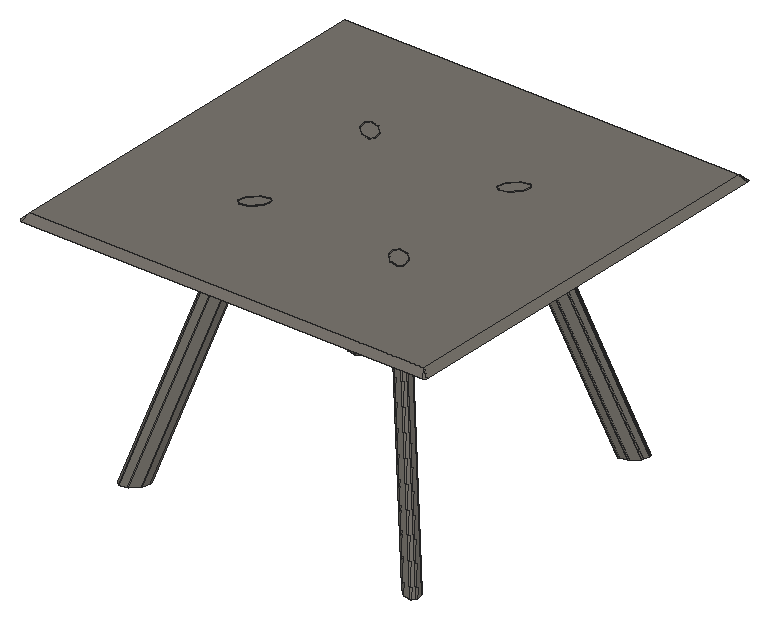
Revit family "Table-Square-Teknion-STBSQ_Qui_Without_Power-R2014", category Furniture, Revit 2014
Parameters (values of type "25.5" High")
  Width = 42.000"
  Warranty = "https://d2r72yk5wmppdj.cloudfront.net/m/3754bc876d846fdf/StudioTK--Warranty.pdf"
  Unit Weight = 85.00 lbf  # constant formula
  URL = "www.studiotk.com"
  Table Finish [instance] = Wood - Teknion - DY - Cocoa Brown
  Series = "Studio"
  Product Line = "Qui"
  Product Documentation Link = "https://d2r72yk5wmppdj.cloudfront.net/m/6a067d0f21732b57/Qui_Tables_ppg.pdf"
  Part Number = "STBSQ"
  Model = "STBSQE25N"
  Manufacturer Phone = "919-464-2920"
  Manufacturer Fax = "919-464-2927"
  Manufacturer Email = "customersupport@studiotk.com"
  Manufacturer Address = "3941 US 70 Business HWY West, Clayton, NC 27520"
  Manufacturer = "StudioTK"  # constant formula
  Low Emitting Material = yes
  Low Emitting Finish = yes
  Height = 25.500"
  Description = "Qui Square Table Without Power, 42\"w / 107cm, 25.5\"h / 65cm"
  Depth = 42.000"
  Assembly Code = "E2020200"
Types (2): name | Model | Height | Description
  25.5" High | "STBSQE25N" | 25.500" | "Qui Square Table Without Power, 42\"w / 107cm, 25.5\"h / 65cm"
  29" High | "STBSQE29N" | 29.000" | "Qui Square Table Without Power, 42\"w / 107cm, 29\"h / 74cm"
Reference planes (in)
  plane 1 "Center F/B": y = 0
  plane 2: z = 0
  plane 3 "Center L/R": x = 0
  plane 4 "Left": x = -21
  plane 5 "Right": x = 21
  plane 6 "Back": y = 21
  plane 7 "Front": y = -21
  plane 8 "Top": z = 25.5
  plane 9 "Table Base": z = 24.875
  plane 10 "Table Bottom": z = 23.375
  plane 11 "Leg Top": z = 25.525
  plane 12 "Leg Bottom": z = -3.5
Forms (in)
  Blend 1, solid, material "Wood - Teknion - DY - Cocoa Brown" <- "Table Finish"
    base sketch origin (0, 0, 24.875) x (-1, 0, 0) y (0, -1, 0)
      loop
        arc (20.75, -21) -> (20.92678, -20.92678) -> (21, -20.75) r 0.25
        line (21, -20.75) -> (21, 20.75)
        arc (21, 20.75) -> (20.92678, 20.92678) -> (20.75, 21) r 0.25
        line (20.75, 21) -> (-20.75, 21)
        arc (-20.75, 21) -> (-20.92678, 20.92678) -> (-21, 20.75) r 0.25
        line (-21, 20.75) -> (-21, -20.75)
        arc (-21, -20.75) -> (-20.92678, -20.92678) -> (-20.75, -21) r 0.25
        line (-20.75, -21) -> (20.75, -21)
    top sketch origin (0, 0, 25.5) x (-1, 0, 0) y (0, -1, 0)
      loop
        line (-20.375, -20.375) -> (20.375, -20.375) -> (20.375, 20.375) -> (-20.375, 20.375) -> (-20.375, -20.375)
    from 0 to 0
  Blend 2, solid, material "Wood - Teknion - DY - Cocoa Brown" <- "Table Finish"
    base sketch origin (0, 0, 23.375) x (-1, 0, 0) y (0, -1, 0)
      loop
        line (12, -12) -> (12, 12) -> (-12, 12) -> (-12, -12) -> (12, -12)
    top sketch origin (0, 0, 23.375) x (-1, 0, 0) y (0, -1, 0)
      loop
        line (-13, -13) -> (13, -13) -> (13, 13) -> (-13, 13) -> (-13, -13)
    from 0 to 1.5
  Blend 3, solid, material "Wood - Teknion - DY - Cocoa Brown" <- "Table Finish"
    base sketch origin (0, 0, 0) x (0, -1, 0) y (1, 0, 0)
      loop
        line (-14.47833, 14.21984) -> (-14.21984, 14.47833)
        arc (-14.21984, 14.47833) -> (-14.18178, 14.54283) -> (-14.17965, 14.61769) r 0.15
        line (-14.17965, 14.61769) -> (-14.35355, 15.38163)
        arc (-14.35355, 15.38163) -> (-14.3685, 15.42085) -> (-14.39374, 15.4544) r 0.15
        line (-14.39374, 15.4544) -> (-15.13731, 16.19797)
        arc (-15.13731, 16.19797) -> (-15.17086, 16.22321) -> (-15.21008, 16.23816) r 0.15
        line (-15.21008, 16.23816) -> (-15.97402, 16.41206)
        arc (-15.97402, 16.41206) -> (-16.04888, 16.40993) -> (-16.11338, 16.37187) r 0.15
        line (-16.11338, 16.37187) -> (-16.37187, 16.11338)
        arc (-16.37187, 16.11338) -> (-16.40993, 16.04888) -> (-16.41206, 15.97402) r 0.15
        line (-16.41206, 15.97402) -> (-16.23816, 15.21008)
        arc (-16.23816, 15.21008) -> (-16.22321, 15.17086) -> (-16.19797, 15.13731) r 0.15
        line (-16.19797, 15.13731) -> (-15.4544, 14.39374)
        arc (-15.4544, 14.39374) -> (-15.42085, 14.3685) -> (-15.38163, 14.35355) r 0.15
        line (-15.38163, 14.35355) -> (-14.61769, 14.17965)
        arc (-14.61769, 14.17965) -> (-14.54283, 14.18178) -> (-14.47833, 14.21984) r 0.15
    top sketch origin (0, 0, 0) x (0, -1, 0) y (1, 0, 0)
      loop
        line (-8.36828, 7.30762) -> (-7.62471, 6.56405)
        arc (-7.62471, 6.56405) -> (-7.59117, 6.53881) -> (-7.55194, 6.52386) r 0.15
        line (-7.55194, 6.52386) -> (-6.788, 6.34996)
        arc (-6.788, 6.34996) -> (-6.71314, 6.3521) -> (-6.64865, 6.39016) r 0.15
        line (-6.64865, 6.39016) -> (-6.39016, 6.64865)
        arc (-6.39016, 6.64865) -> (-6.3521, 6.71314) -> (-6.34996, 6.788) r 0.15
        line (-6.34996, 6.788) -> (-6.52386, 7.55194)
        arc (-6.52386, 7.55194) -> (-6.53881, 7.59117) -> (-6.56405, 7.62471) r 0.15
        line (-6.56405, 7.62471) -> (-7.30762, 8.36828)
        arc (-7.30762, 8.36828) -> (-7.34117, 8.39352) -> (-7.3804, 8.40848) r 0.15
        line (-7.3804, 8.40848) -> (-8.14433, 8.58237)
        arc (-8.14433, 8.58237) -> (-8.21919, 8.58024) -> (-8.28369, 8.54218) r 0.15
        line (-8.28369, 8.54218) -> (-8.54218, 8.28369)
        arc (-8.54218, 8.28369) -> (-8.58024, 8.21919) -> (-8.58237, 8.14433) r 0.15
        line (-8.58237, 8.14433) -> (-8.40848, 7.3804)
        arc (-8.40848, 7.3804) -> (-8.39352, 7.34117) -> (-8.36828, 7.30762) r 0.15
    from -3.5 to 25.5
  Sweep 4, void
    path origin (0, 0, 0) x (1, 0, 0) y (0, 0, 1)
      loop
        line (0, 0) -> (0, -5)
    profile origin (0, 0, -2.5) x (0, -1, 0) y (1, 0, 0)
      loop
        line (-21, -21) -> (21, -21) -> (21, 21) -> (-21, 21) -> (-21, -21)
  Sweep 5, void
    path origin (0, 0, 0) x (1, 0, 0) y (0, 0, 1)
      loop
        line (0, 25.5) -> (0, 25.25)
    profile origin (0, 0, 25.375) x (0, -1, 0) y (1, 0, 0)
      loop
        line (7.37685, -8.42408) -> (8.14078, -8.59797)
        arc (8.14078, -8.59797) -> (8.22363, -8.59561) -> (8.295, -8.55349) r 0.166
        line (8.295, -8.55349) -> (8.55349, -8.295)
        arc (8.55349, -8.295) -> (8.59561, -8.22363) -> (8.59797, -8.14078) r 0.166
        line (8.59797, -8.14078) -> (8.42408, -7.37685)
        arc (8.42408, -7.37685) -> (8.40753, -7.33343) -> (8.3796, -7.29631) r 0.166
        line (8.3796, -7.29631) -> (7.63603, -6.55274)
        arc (7.63603, -6.55274) -> (7.5989, -6.52481) -> (7.55549, -6.50826) r 0.166
        line (7.55549, -6.50826) -> (6.79156, -6.33436)
        arc (6.79156, -6.33436) -> (6.70871, -6.33672) -> (6.63733, -6.37884) r 0.166
        line (6.63733, -6.37884) -> (6.37884, -6.63733)
        arc (6.37884, -6.63733) -> (6.33672, -6.70871) -> (6.33436, -6.79156) r 0.166
        line (6.33436, -6.79156) -> (6.50826, -7.55549)
        arc (6.50826, -7.55549) -> (6.52481, -7.5989) -> (6.55274, -7.63603) r 0.166
        line (6.55274, -7.63603) -> (7.29631, -8.3796)
        arc (7.29631, -8.3796) -> (7.33343, -8.40753) -> (7.37685, -8.42408) r 0.166
      loop
        line (-8.55349, -8.295) -> (-8.295, -8.55349)
        arc (-8.295, -8.55349) -> (-8.22363, -8.59561) -> (-8.14078, -8.59797) r 0.166
        line (-8.14078, -8.59797) -> (-7.37685, -8.42408)
        arc (-7.37685, -8.42408) -> (-7.33343, -8.40753) -> (-7.29631, -8.3796) r 0.166
        line (-7.29631, -8.3796) -> (-6.55274, -7.63603)
        arc (-6.55274, -7.63603) -> (-6.52481, -7.5989) -> (-6.50826, -7.55549) r 0.166
        line (-6.50826, -7.55549) -> (-6.33436, -6.79156)
        arc (-6.33436, -6.79156) -> (-6.33672, -6.70871) -> (-6.37884, -6.63733) r 0.166
        line (-6.37884, -6.63733) -> (-6.63733, -6.37884)
        arc (-6.63733, -6.37884) -> (-6.70871, -6.33672) -> (-6.79156, -6.33436) r 0.166
        line (-6.79156, -6.33436) -> (-7.55549, -6.50826)
        arc (-7.55549, -6.50826) -> (-7.5989, -6.52481) -> (-7.63603, -6.55274) r 0.166
        line (-7.63603, -6.55274) -> (-8.3796, -7.29631)
        arc (-8.3796, -7.29631) -> (-8.40753, -7.33343) -> (-8.42408, -7.37685) r 0.166
        line (-8.42408, -7.37685) -> (-8.59797, -8.14078)
        arc (-8.59797, -8.14078) -> (-8.59561, -8.22363) -> (-8.55349, -8.295) r 0.166
      loop
        line (-8.59797, 8.14078) -> (-8.42408, 7.37685)
        arc (-8.42408, 7.37685) -> (-8.40753, 7.33343) -> (-8.3796, 7.29631) r 0.166
        line (-8.3796, 7.29631) -> (-7.63603, 6.55274)
        arc (-7.63603, 6.55274) -> (-7.5989, 6.52481) -> (-7.55549, 6.50826) r 0.166
        line (-7.55549, 6.50826) -> (-6.79156, 6.33436)
        arc (-6.79156, 6.33436) -> (-6.70871, 6.33672) -> (-6.63733, 6.37884) r 0.166
        line (-6.63733, 6.37884) -> (-6.37884, 6.63733)
        arc (-6.37884, 6.63733) -> (-6.33672, 6.70871) -> (-6.33436, 6.79156) r 0.166
        line (-6.33436, 6.79156) -> (-6.50826, 7.55549)
        arc (-6.50826, 7.55549) -> (-6.52481, 7.5989) -> (-6.55274, 7.63603) r 0.166
        line (-6.55274, 7.63603) -> (-7.29631, 8.3796)
        arc (-7.29631, 8.3796) -> (-7.33343, 8.40753) -> (-7.37685, 8.42408) r 0.166
        line (-7.37685, 8.42408) -> (-8.14078, 8.59797)
        arc (-8.14078, 8.59797) -> (-8.22363, 8.59561) -> (-8.295, 8.55349) r 0.166
        line (-8.295, 8.55349) -> (-8.55349, 8.295)
        arc (-8.55349, 8.295) -> (-8.59561, 8.22363) -> (-8.59797, 8.14078) r 0.166
      loop
        line (8.42408, 7.37685) -> (8.59797, 8.14078)
        arc (8.59797, 8.14078) -> (8.59561, 8.22363) -> (8.55349, 8.295) r 0.166
        line (8.55349, 8.295) -> (8.295, 8.55349)
        arc (8.295, 8.55349) -> (8.22363, 8.59561) -> (8.14078, 8.59797) r 0.166
        line (8.14078, 8.59797) -> (7.37685, 8.42408)
        arc (7.37685, 8.42408) -> (7.33343, 8.40753) -> (7.29631, 8.3796) r 0.166
        line (7.29631, 8.3796) -> (6.55274, 7.63603)
        arc (6.55274, 7.63603) -> (6.52481, 7.5989) -> (6.50826, 7.55549) r 0.166
        line (6.50826, 7.55549) -> (6.33436, 6.79156)
        arc (6.33436, 6.79156) -> (6.33672, 6.70871) -> (6.37884, 6.63733) r 0.166
        line (6.37884, 6.63733) -> (6.63733, 6.37884)
        arc (6.63733, 6.37884) -> (6.70871, 6.33672) -> (6.79156, 6.33436) r 0.166
        line (6.79156, 6.33436) -> (7.55549, 6.50826)
        arc (7.55549, 6.50826) -> (7.5989, 6.52481) -> (7.63603, 6.55274) r 0.166
        line (7.63603, 6.55274) -> (8.3796, 7.29631)
        arc (8.3796, 7.29631) -> (8.40753, 7.33343) -> (8.42408, 7.37685) r 0.166
  Blend 6, solid, material "Wood - Teknion - DY - Cocoa Brown" <- "Table Finish"
    base sketch origin (0, 0, 0) x (0, 1, 0) y (-1, 0, 0)
      loop
        arc (-14.47833, -14.21984) -> (-14.54283, -14.18178) -> (-14.61769, -14.17965) r 0.15
        line (-14.61769, -14.17965) -> (-15.38163, -14.35355)
        arc (-15.38163, -14.35355) -> (-15.42085, -14.3685) -> (-15.4544, -14.39374) r 0.15
        line (-15.4544, -14.39374) -> (-16.19797, -15.13731)
        arc (-16.19797, -15.13731) -> (-16.22321, -15.17086) -> (-16.23816, -15.21008) r 0.15
        line (-16.23816, -15.21008) -> (-16.41206, -15.97402)
        arc (-16.41206, -15.97402) -> (-16.40993, -16.04888) -> (-16.37187, -16.11338) r 0.15
        line (-16.37187, -16.11338) -> (-16.11338, -16.37187)
        arc (-16.11338, -16.37187) -> (-16.04888, -16.40993) -> (-15.97402, -16.41206) r 0.15
        line (-15.97402, -16.41206) -> (-15.21008, -16.23816)
        arc (-15.21008, -16.23816) -> (-15.17086, -16.22321) -> (-15.13731, -16.19797) r 0.15
        line (-15.13731, -16.19797) -> (-14.39374, -15.4544)
        arc (-14.39374, -15.4544) -> (-14.3685, -15.42085) -> (-14.35355, -15.38163) r 0.15
        line (-14.35355, -15.38163) -> (-14.17965, -14.61769)
        arc (-14.17965, -14.61769) -> (-14.18178, -14.54283) -> (-14.21984, -14.47833) r 0.15
        line (-14.21984, -14.47833) -> (-14.47833, -14.21984)
    top sketch origin (0, 0, 0) x (0, 1, 0) y (-1, 0, 0)
      loop
        line (-6.39016, -6.64865) -> (-6.64865, -6.39016)
        arc (-6.64865, -6.39016) -> (-6.71314, -6.3521) -> (-6.788, -6.34996) r 0.15
        line (-6.788, -6.34996) -> (-7.55194, -6.52386)
        arc (-7.55194, -6.52386) -> (-7.59117, -6.53881) -> (-7.62471, -6.56405) r 0.15
        line (-7.62471, -6.56405) -> (-8.36828, -7.30762)
        arc (-8.36828, -7.30762) -> (-8.39352, -7.34117) -> (-8.40848, -7.3804) r 0.15
        line (-8.40848, -7.3804) -> (-8.58237, -8.14433)
        arc (-8.58237, -8.14433) -> (-8.58024, -8.21919) -> (-8.54218, -8.28369) r 0.15
        line (-8.54218, -8.28369) -> (-8.28369, -8.54218)
        arc (-8.28369, -8.54218) -> (-8.21919, -8.58024) -> (-8.14433, -8.58237) r 0.15
        line (-8.14433, -8.58237) -> (-7.3804, -8.40848)
        arc (-7.3804, -8.40848) -> (-7.34117, -8.39352) -> (-7.30762, -8.36828) r 0.15
        line (-7.30762, -8.36828) -> (-6.56405, -7.62471)
        arc (-6.56405, -7.62471) -> (-6.53881, -7.59117) -> (-6.52386, -7.55194) r 0.15
        line (-6.52386, -7.55194) -> (-6.34996, -6.788)
        arc (-6.34996, -6.788) -> (-6.3521, -6.71314) -> (-6.39016, -6.64865) r 0.15
    from -3.5 to 25.5
  Blend 7, solid, material "Wood - Teknion - DY - Cocoa Brown" <- "Table Finish"
    base sketch origin (0, 0, 0) x (1, 0, 0) y (0, 1, 0)
      loop
        arc (-14.47833, -14.21984) -> (-14.54283, -14.18178) -> (-14.61769, -14.17965) r 0.15
        line (-14.61769, -14.17965) -> (-15.38163, -14.35355)
        arc (-15.38163, -14.35355) -> (-15.42085, -14.3685) -> (-15.4544, -14.39374) r 0.15
        line (-15.4544, -14.39374) -> (-16.19797, -15.13731)
        arc (-16.19797, -15.13731) -> (-16.22321, -15.17086) -> (-16.23816, -15.21008) r 0.15
        line (-16.23816, -15.21008) -> (-16.41206, -15.97402)
        arc (-16.41206, -15.97402) -> (-16.40993, -16.04888) -> (-16.37187, -16.11338) r 0.15
        line (-16.37187, -16.11338) -> (-16.11338, -16.37187)
        arc (-16.11338, -16.37187) -> (-16.04888, -16.40993) -> (-15.97402, -16.41206) r 0.15
        line (-15.97402, -16.41206) -> (-15.21008, -16.23816)
        arc (-15.21008, -16.23816) -> (-15.17086, -16.22321) -> (-15.13731, -16.19797) r 0.15
        line (-15.13731, -16.19797) -> (-14.39374, -15.4544)
        arc (-14.39374, -15.4544) -> (-14.3685, -15.42085) -> (-14.35355, -15.38163) r 0.15
        line (-14.35355, -15.38163) -> (-14.17965, -14.61769)
        arc (-14.17965, -14.61769) -> (-14.18178, -14.54283) -> (-14.21984, -14.47833) r 0.15
        line (-14.21984, -14.47833) -> (-14.47833, -14.21984)
    top sketch origin (0, 0, 0) x (1, 0, 0) y (0, 1, 0)
      loop
        arc (-6.64865, -6.39016) -> (-6.71314, -6.3521) -> (-6.788, -6.34996) r 0.15
        line (-6.788, -6.34996) -> (-7.55194, -6.52386)
        arc (-7.55194, -6.52386) -> (-7.59117, -6.53881) -> (-7.62471, -6.56405) r 0.15
        line (-7.62471, -6.56405) -> (-8.36828, -7.30762)
        arc (-8.36828, -7.30762) -> (-8.39352, -7.34117) -> (-8.40848, -7.3804) r 0.15
        line (-8.40848, -7.3804) -> (-8.58237, -8.14433)
        arc (-8.58237, -8.14433) -> (-8.58024, -8.21919) -> (-8.54218, -8.28369) r 0.15
        line (-8.54218, -8.28369) -> (-8.28369, -8.54218)
        arc (-8.28369, -8.54218) -> (-8.21919, -8.58024) -> (-8.14433, -8.58237) r 0.15
        line (-8.14433, -8.58237) -> (-7.3804, -8.40848)
        arc (-7.3804, -8.40848) -> (-7.34117, -8.39352) -> (-7.30762, -8.36828) r 0.15
        line (-7.30762, -8.36828) -> (-6.56405, -7.62471)
        arc (-6.56405, -7.62471) -> (-6.53881, -7.59117) -> (-6.52386, -7.55194) r 0.15
        line (-6.52386, -7.55194) -> (-6.34996, -6.788)
        arc (-6.34996, -6.788) -> (-6.3521, -6.71314) -> (-6.39016, -6.64865) r 0.15
        line (-6.39016, -6.64865) -> (-6.64865, -6.39016)
    from -3.5 to 25.5
  Blend 8, solid, material "Wood - Teknion - DY - Cocoa Brown" <- "Table Finish"
    base sketch origin (0, 0, 0) x (0, -1, 0) y (1, 0, 0)
      loop
        arc (-14.47833, -14.21984) -> (-14.54283, -14.18178) -> (-14.61769, -14.17965) r 0.15
        line (-14.61769, -14.17965) -> (-15.38163, -14.35355)
        arc (-15.38163, -14.35355) -> (-15.42085, -14.3685) -> (-15.4544, -14.39374) r 0.15
        line (-15.4544, -14.39374) -> (-16.19797, -15.13731)
        arc (-16.19797, -15.13731) -> (-16.22321, -15.17086) -> (-16.23816, -15.21008) r 0.15
        line (-16.23816, -15.21008) -> (-16.41206, -15.97402)
        arc (-16.41206, -15.97402) -> (-16.40993, -16.04888) -> (-16.37187, -16.11338) r 0.15
        line (-16.37187, -16.11338) -> (-16.11338, -16.37187)
        arc (-16.11338, -16.37187) -> (-16.04888, -16.40993) -> (-15.97402, -16.41206) r 0.15
        line (-15.97402, -16.41206) -> (-15.21008, -16.23816)
        arc (-15.21008, -16.23816) -> (-15.17086, -16.22321) -> (-15.13731, -16.19797) r 0.15
        line (-15.13731, -16.19797) -> (-14.39374, -15.4544)
        arc (-14.39374, -15.4544) -> (-14.3685, -15.42085) -> (-14.35355, -15.38163) r 0.15
        line (-14.35355, -15.38163) -> (-14.17965, -14.61769)
        arc (-14.17965, -14.61769) -> (-14.18178, -14.54283) -> (-14.21984, -14.47833) r 0.15
        line (-14.21984, -14.47833) -> (-14.47833, -14.21984)
    top sketch origin (0, 0, 0) x (0, -1, 0) y (1, 0, 0)
      loop
        arc (-6.64865, -6.39016) -> (-6.71314, -6.3521) -> (-6.788, -6.34996) r 0.15
        line (-6.788, -6.34996) -> (-7.55194, -6.52386)
        arc (-7.55194, -6.52386) -> (-7.59117, -6.53881) -> (-7.62471, -6.56405) r 0.15
        line (-7.62471, -6.56405) -> (-8.36828, -7.30762)
        arc (-8.36828, -7.30762) -> (-8.39352, -7.34117) -> (-8.40848, -7.3804) r 0.15
        line (-8.40848, -7.3804) -> (-8.58237, -8.14433)
        arc (-8.58237, -8.14433) -> (-8.58024, -8.21919) -> (-8.54218, -8.28369) r 0.15
        line (-8.54218, -8.28369) -> (-8.28369, -8.54218)
        arc (-8.28369, -8.54218) -> (-8.21919, -8.58024) -> (-8.14433, -8.58237) r 0.15
        line (-8.14433, -8.58237) -> (-7.3804, -8.40848)
        arc (-7.3804, -8.40848) -> (-7.34117, -8.39352) -> (-7.30762, -8.36828) r 0.15
        line (-7.30762, -8.36828) -> (-6.56405, -7.62471)
        arc (-6.56405, -7.62471) -> (-6.53881, -7.59117) -> (-6.52386, -7.55194) r 0.15
        line (-6.52386, -7.55194) -> (-6.34996, -6.788)
        arc (-6.34996, -6.788) -> (-6.3521, -6.71314) -> (-6.39016, -6.64865) r 0.15
        line (-6.39016, -6.64865) -> (-6.64865, -6.39016)
    from -3.5 to 25.5
  Sweep 9, void
    path origin (0, 0, 0) x (1, 0, 0) y (0, 0, 1)
      loop
        line (0, 0) -> (0, -3.5)
    profile origin (0, 0, -1.75) x (0, -1, 0) y (1, 0, 0)
      loop
        line (-21, -21) -> (21, -21) -> (21, 21) -> (-21, 21) -> (-21, -21)
Cuts and joins
  Sweep 4, Sweep 9 cuts Blend 3
  Sweep 5 cuts Blend 1
  Sweep 9 cuts Blend 8
  Sweep 9 cuts Blend 7
  Sweep 9 cuts Blend 6
Lines and regions (in)
  Masking region 1
    outline origin (0, 0, 25.525) x (0, -1, 0) y (1, 0, 0)
      loop
        line (-21, -21) -> (21, -21) -> (21, 21) -> (-21, 21) -> (-21, -21)
  symbolic lines, detail levels medium+fine
    curve 1: line (20.375, 20.375, 25.525) -> (-20.375, 20.375, 25.525)
    curve 2: line (-20.375, 20.375, 25.525) -> (-20.375, -20.375, 25.525)
    curve 3: line (-20.375, -20.375, 25.525) -> (20.375, -20.375, 25.525)
    curve 4: line (20.375, -20.375, 25.525) -> (20.375, 20.375, 25.525)
  symbolic lines, style "Hidden Lines", detail levels medium+fine
    curve 5: line (-8.28369, 8.54218, 25.525) -> (-8.54218, 8.28369, 25.525)
    curve 6: arc (-8.14433, 8.58237, 25.525) -> (-8.21919, 8.58024, 25.525) -> (-8.28369, 8.54218, 25.525) r 0.15
    curve 7: line (-7.3804, 8.40848, 25.525) -> (-8.14433, 8.58237, 25.525)
    curve 8: arc (-7.30762, 8.36828, 25.525) -> (-7.34117, 8.39352, 25.525) -> (-7.3804, 8.40848, 25.525) r 0.15
    curve 9: line (-6.56405, 7.62471, 25.525) -> (-7.30762, 8.36828, 25.525)
    curve 10: arc (-6.52386, 7.55194, 25.525) -> (-6.53881, 7.59117, 25.525) -> (-6.56405, 7.62471, 25.525) r 0.15
    curve 11: line (-6.34996, 6.788, 25.525) -> (-6.52386, 7.55194, 25.525)
    curve 12: arc (-6.39016, 6.64865, 25.525) -> (-6.3521, 6.71314, 25.525) -> (-6.34996, 6.788, 25.525) r 0.15
    curve 13: line (-6.64865, 6.39016, 25.525) -> (-6.39016, 6.64865, 25.525)
    curve 14: arc (-6.788, 6.34996, 25.525) -> (-6.71314, 6.3521, 25.525) -> (-6.64865, 6.39016, 25.525) r 0.15
    curve 15: line (-7.55194, 6.52386, 25.525) -> (-6.788, 6.34996, 25.525)
    curve 16: arc (-7.62471, 6.56405, 25.525) -> (-7.59117, 6.53881, 25.525) -> (-7.55194, 6.52386, 25.525) r 0.15
    curve 17: line (-8.36828, 7.30762, 25.525) -> (-7.62471, 6.56405, 25.525)
    curve 18: arc (-8.40848, 7.3804, 25.525) -> (-8.39352, 7.34117, 25.525) -> (-8.36828, 7.30762, 25.525) r 0.15
    curve 19: line (-8.58237, 8.14433, 25.525) -> (-8.40848, 7.3804, 25.525)
    curve 20: arc (-8.54218, 8.28369, 25.525) -> (-8.58024, 8.21919, 25.525) -> (-8.58237, 8.14433, 25.525) r 0.15
    curve 21: line (7.30762, 8.36828, 25.525) -> (6.56405, 7.62471, 25.525)
    curve 22: arc (7.3804, 8.40848, 25.525) -> (7.34117, 8.39352, 25.525) -> (7.30762, 8.36828, 25.525) r 0.15
    curve 23: line (8.14433, 8.58237, 25.525) -> (7.3804, 8.40848, 25.525)
    curve 24: arc (8.28369, 8.54218, 25.525) -> (8.21919, 8.58024, 25.525) -> (8.14433, 8.58237, 25.525) r 0.15
    curve 25: line (8.54218, 8.28369, 25.525) -> (8.28369, 8.54218, 25.525)
    curve 26: arc (8.58237, 8.14433, 25.525) -> (8.58024, 8.21919, 25.525) -> (8.54218, 8.28369, 25.525) r 0.15
    curve 27: line (8.40848, 7.3804, 25.525) -> (8.58237, 8.14433, 25.525)
    curve 28: arc (8.36828, 7.30762, 25.525) -> (8.39352, 7.34117, 25.525) -> (8.40848, 7.3804, 25.525) r 0.15
    curve 29: line (7.62471, 6.56405, 25.525) -> (8.36828, 7.30762, 25.525)
    curve 30: arc (7.55194, 6.52386, 25.525) -> (7.59117, 6.53881, 25.525) -> (7.62471, 6.56405, 25.525) r 0.15
    curve 31: line (6.788, 6.34996, 25.525) -> (7.55194, 6.52386, 25.525)
    curve 32: arc (6.64865, 6.39016, 25.525) -> (6.71314, 6.3521, 25.525) -> (6.788, 6.34996, 25.525) r 0.15
    curve 33: line (6.39016, 6.64865, 25.525) -> (6.64865, 6.39016, 25.525)
    curve 34: arc (6.34996, 6.788, 25.525) -> (6.3521, 6.71314, 25.525) -> (6.39016, 6.64865, 25.525) r 0.15
    curve 35: line (6.52386, 7.55194, 25.525) -> (6.34996, 6.788, 25.525)
    curve 36: arc (6.56405, 7.62471, 25.525) -> (6.53881, 7.59117, 25.525) -> (6.52386, 7.55194, 25.525) r 0.15
    curve 37: line (6.64865, -6.39016, 25.525) -> (6.39016, -6.64865, 25.525)
    curve 38: arc (6.788, -6.34996, 25.525) -> (6.71314, -6.3521, 25.525) -> (6.64865, -6.39016, 25.525) r 0.15
    curve 39: line (7.55194, -6.52386, 25.525) -> (6.788, -6.34996, 25.525)
    curve 40: arc (7.62471, -6.56405, 25.525) -> (7.59117, -6.53881, 25.525) -> (7.55194, -6.52386, 25.525) r 0.15
    curve 41: line (8.36828, -7.30762, 25.525) -> (7.62471, -6.56405, 25.525)
    curve 42: arc (8.40848, -7.3804, 25.525) -> (8.39352, -7.34117, 25.525) -> (8.36828, -7.30762, 25.525) r 0.15
    curve 43: line (8.58237, -8.14433, 25.525) -> (8.40848, -7.3804, 25.525)
    curve 44: arc (8.54218, -8.28369, 25.525) -> (8.58024, -8.21919, 25.525) -> (8.58237, -8.14433, 25.525) r 0.15
    curve 45: line (8.28369, -8.54218, 25.525) -> (8.54218, -8.28369, 25.525)
    curve 46: arc (8.14433, -8.58237, 25.525) -> (8.21919, -8.58024, 25.525) -> (8.28369, -8.54218, 25.525) r 0.15
    curve 47: line (7.3804, -8.40848, 25.525) -> (8.14433, -8.58237, 25.525)
    curve 48: arc (7.30762, -8.36828, 25.525) -> (7.34117, -8.39352, 25.525) -> (7.3804, -8.40848, 25.525) r 0.15
    curve 49: line (6.56405, -7.62471, 25.525) -> (7.30762, -8.36828, 25.525)
    curve 50: arc (6.52386, -7.55194, 25.525) -> (6.53881, -7.59117, 25.525) -> (6.56405, -7.62471, 25.525) r 0.15
    curve 51: line (6.34996, -6.788, 25.525) -> (6.52386, -7.55194, 25.525)
    curve 52: arc (6.39016, -6.64865, 25.525) -> (6.3521, -6.71314, 25.525) -> (6.34996, -6.788, 25.525) r 0.15
    curve 53: line (-6.39016, -6.64865, 25.525) -> (-6.64865, -6.39016, 25.525)
    curve 54: arc (-6.34996, -6.788, 25.525) -> (-6.3521, -6.71314, 25.525) -> (-6.39016, -6.64865, 25.525) r 0.15
    curve 55: line (-6.52386, -7.55194, 25.525) -> (-6.34996, -6.788, 25.525)
    curve 56: arc (-6.56405, -7.62471, 25.525) -> (-6.53881, -7.59117, 25.525) -> (-6.52386, -7.55194, 25.525) r 0.15
    curve 57: line (-7.30762, -8.36828, 25.525) -> (-6.56405, -7.62471, 25.525)
    curve 58: arc (-7.3804, -8.40848, 25.525) -> (-7.34117, -8.39352, 25.525) -> (-7.30762, -8.36828, 25.525) r 0.15
    curve 59: line (-8.14433, -8.58237, 25.525) -> (-7.3804, -8.40848, 25.525)
    curve 60: arc (-8.28369, -8.54218, 25.525) -> (-8.21919, -8.58024, 25.525) -> (-8.14433, -8.58237, 25.525) r 0.15
    curve 61: line (-8.54218, -8.28369, 25.525) -> (-8.28369, -8.54218, 25.525)
    curve 62: arc (-8.58237, -8.14433, 25.525) -> (-8.58024, -8.21919, 25.525) -> (-8.54218, -8.28369, 25.525) r 0.15
    curve 63: line (-8.40848, -7.3804, 25.525) -> (-8.58237, -8.14433, 25.525)
    curve 64: arc (-8.36828, -7.30762, 25.525) -> (-8.39352, -7.34117, 25.525) -> (-8.40848, -7.3804, 25.525) r 0.15
    curve 65: line (-7.62471, -6.56405, 25.525) -> (-8.36828, -7.30762, 25.525)
    curve 66: arc (-7.55194, -6.52386, 25.525) -> (-7.59117, -6.53881, 25.525) -> (-7.62471, -6.56405, 25.525) r 0.15
    curve 67: line (-6.788, -6.34996, 25.525) -> (-7.55194, -6.52386, 25.525)
    curve 68: arc (-6.64865, -6.39016, 25.525) -> (-6.71314, -6.3521, 25.525) -> (-6.788, -6.34996, 25.525) r 0.15
  symbolic lines, style "Hidden Lines", detail levels fine
    curve 69: line (13, 13, 25.525) -> (-13, 13, 25.525)
    curve 70: line (-12, 12, 25.525) -> (12, 12, 25.525)
    curve 71: line (-12, -12, 25.525) -> (-12, 12, 25.525)
    curve 72: line (-13, 13, 25.525) -> (-13, -13, 25.525)
    curve 73: line (12, -12, 25.525) -> (-12, -12, 25.525)
    curve 74: line (-13, -13, 25.525) -> (13, -13, 25.525)
    curve 75: line (12, 12, 25.525) -> (12, -12, 25.525)
    curve 76: line (13, -13, 25.525) -> (13, 13, 25.525)
    curve 77: line (7.30762, 8.36828, 25.525) -> (15.13731, 16.19797, 25.525)
    curve 78: line (16.19797, 15.13731, 25.525) -> (8.36828, 7.30762, 25.525)
    curve 79: arc (15.13731, 16.19797, 25.525) -> (15.17086, 16.22321, 25.525) -> (15.21008, 16.23816, 25.525) r 0.15
    curve 80: line (15.21008, 16.23816, 25.525) -> (15.97402, 16.41206, 25.525)
    curve 81: arc (15.97402, 16.41206, 25.525) -> (16.04888, 16.40993, 25.525) -> (16.11338, 16.37187, 25.525) r 0.15
    curve 82: line (16.11338, 16.37187, 25.525) -> (16.37187, 16.11338, 25.525)
    curve 83: arc (16.37187, 16.11338, 25.525) -> (16.40993, 16.04888, 25.525) -> (16.41206, 15.97402, 25.525) r 0.15
    curve 84: line (16.41206, 15.97402, 25.525) -> (16.23816, 15.21008, 25.525)
    curve 85: arc (16.23816, 15.21008, 25.525) -> (16.22321, 15.17086, 25.525) -> (16.19797, 15.13731, 25.525) r 0.15
    curve 86: arc (15.4544, 14.39374, 25.525) -> (15.42085, 14.3685, 25.525) -> (15.38163, 14.35355, 25.525) r 0.15
    curve 87: line (15.38163, 14.35355, 25.525) -> (14.61769, 14.17965, 25.525)
    curve 88: arc (14.61769, 14.17965, 25.525) -> (14.54283, 14.18178, 25.525) -> (14.47833, 14.21984, 25.525) r 0.15
    curve 89: line (14.47833, 14.21984, 25.525) -> (14.21984, 14.47833, 25.525)
    curve 90: arc (14.21984, 14.47833, 25.525) -> (14.18178, 14.54283, 25.525) -> (14.17965, 14.61769, 25.525) r 0.15
    curve 91: line (14.17965, 14.61769, 25.525) -> (14.35355, 15.38163, 25.525)
    curve 92: arc (14.35355, 15.38163, 25.525) -> (14.3685, 15.42085, 25.525) -> (14.39374, 15.4544, 25.525) r 0.15
    curve 93: line (8.36828, -7.30762, 25.525) -> (16.19797, -15.13731, 25.525)
    curve 94: arc (16.19797, -15.13731, 25.525) -> (16.22321, -15.17086, 25.525) -> (16.23816, -15.21008, 25.525) r 0.15
    curve 95: line (16.23816, -15.21008, 25.525) -> (16.41206, -15.97402, 25.525)
    curve 96: arc (16.41206, -15.97402, 25.525) -> (16.40993, -16.04888, 25.525) -> (16.37187, -16.11338, 25.525) r 0.15
    curve 97: line (16.37187, -16.11338, 25.525) -> (16.11338, -16.37187, 25.525)
    curve 98: arc (16.11338, -16.37187, 25.525) -> (16.04888, -16.40993, 25.525) -> (15.97402, -16.41206, 25.525) r 0.15
    curve 99: line (15.97402, -16.41206, 25.525) -> (15.21008, -16.23816, 25.525)
    curve 100: arc (15.21008, -16.23816, 25.525) -> (15.17086, -16.22321, 25.525) -> (15.13731, -16.19797, 25.525) r 0.15
    curve 101: line (15.13731, -16.19797, 25.525) -> (7.30762, -8.36828, 25.525)
    curve 102: arc (14.39374, -15.4544, 25.525) -> (14.3685, -15.42085, 25.525) -> (14.35355, -15.38163, 25.525) r 0.15
    curve 103: line (14.35355, -15.38163, 25.525) -> (14.17965, -14.61769, 25.525)
    curve 104: arc (14.17965, -14.61769, 25.525) -> (14.18178, -14.54283, 25.525) -> (14.21984, -14.47833, 25.525) r 0.15
    curve 105: line (14.21984, -14.47833, 25.525) -> (14.47833, -14.21984, 25.525)
    curve 106: arc (14.47833, -14.21984, 25.525) -> (14.54283, -14.18178, 25.525) -> (14.61769, -14.17965, 25.525) r 0.15
    curve 107: line (14.61769, -14.17965, 25.525) -> (15.38163, -14.35355, 25.525)
    curve 108: arc (15.38163, -14.35355, 25.525) -> (15.42085, -14.3685, 25.525) -> (15.4544, -14.39374, 25.525) r 0.15
    curve 109: line (-16.19797, -15.13731, 25.525) -> (-8.36828, -7.30762, 25.525)
    curve 110: line (-7.30762, -8.36828, 25.525) -> (-15.13731, -16.19797, 25.525)
    curve 111: arc (-15.13731, -16.19797, 25.525) -> (-15.17086, -16.22321, 25.525) -> (-15.21008, -16.23816, 25.525) r 0.15
    curve 112: line (-15.21008, -16.23816, 25.525) -> (-15.97402, -16.41206, 25.525)
    curve 113: arc (-15.97402, -16.41206, 25.525) -> (-16.04888, -16.40993, 25.525) -> (-16.11338, -16.37187, 25.525) r 0.15
    curve 114: line (-16.11338, -16.37187, 25.525) -> (-16.37187, -16.11338, 25.525)
    curve 115: arc (-16.37187, -16.11338, 25.525) -> (-16.40993, -16.04888, 25.525) -> (-16.41206, -15.97402, 25.525) r 0.15
    curve 116: line (-16.41206, -15.97402, 25.525) -> (-16.23816, -15.21008, 25.525)
    curve 117: arc (-16.23816, -15.21008, 25.525) -> (-16.22321, -15.17086, 25.525) -> (-16.19797, -15.13731, 25.525) r 0.15
    curve 118: arc (-15.4544, -14.39374, 25.525) -> (-15.42085, -14.3685, 25.525) -> (-15.38163, -14.35355, 25.525) r 0.15
    curve 119: line (-15.38163, -14.35355, 25.525) -> (-14.61769, -14.17965, 25.525)
    curve 120: arc (-14.61769, -14.17965, 25.525) -> (-14.54283, -14.18178, 25.525) -> (-14.47833, -14.21984, 25.525) r 0.15
    curve 121: line (-14.47833, -14.21984, 25.525) -> (-14.21984, -14.47833, 25.525)
    curve 122: arc (-14.21984, -14.47833, 25.525) -> (-14.18178, -14.54283, 25.525) -> (-14.17965, -14.61769, 25.525) r 0.15
    curve 123: line (-14.17965, -14.61769, 25.525) -> (-14.35355, -15.38163, 25.525)
    curve 124: arc (-14.35355, -15.38163, 25.525) -> (-14.3685, -15.42085, 25.525) -> (-14.39374, -15.4544, 25.525) r 0.15
    curve 125: line (-14.35355, 15.38163, 25.525) -> (-14.17965, 14.61769, 25.525)
    curve 126: arc (-14.17965, 14.61769, 25.525) -> (-14.18178, 14.54283, 25.525) -> (-14.21984, 14.47833, 25.525) r 0.15
    curve 127: line (-14.21984, 14.47833, 25.525) -> (-14.47833, 14.21984, 25.525)
    curve 128: arc (-14.47833, 14.21984, 25.525) -> (-14.54283, 14.18178, 25.525) -> (-14.61769, 14.17965, 25.525) r 0.15
    curve 129: line (-14.61769, 14.17965, 25.525) -> (-15.38163, 14.35355, 25.525)
    curve 130: arc (-15.38163, 14.35355, 25.525) -> (-15.42085, 14.3685, 25.525) -> (-15.4544, 14.39374, 25.525) r 0.15
    curve 131: line (-8.36828, 7.30762, 25.525) -> (-16.19797, 15.13731, 25.525)
    curve 132: arc (-16.19797, 15.13731, 25.525) -> (-16.22321, 15.17086, 25.525) -> (-16.23816, 15.21008, 25.525) r 0.15
    curve 133: line (-16.23816, 15.21008, 25.525) -> (-16.41206, 15.97402, 25.525)
    curve 134: arc (-16.41206, 15.97402, 25.525) -> (-16.40993, 16.04888, 25.525) -> (-16.37187, 16.11338, 25.525) r 0.15
    curve 135: line (-16.37187, 16.11338, 25.525) -> (-16.11338, 16.37187, 25.525)
    curve 136: arc (-16.11338, 16.37187, 25.525) -> (-16.04888, 16.40993, 25.525) -> (-15.97402, 16.41206, 25.525) r 0.15
    curve 137: line (-15.97402, 16.41206, 25.525) -> (-15.21008, 16.23816, 25.525)
    curve 138: arc (-15.21008, 16.23816, 25.525) -> (-15.17086, 16.22321, 25.525) -> (-15.13731, 16.19797, 25.525) r 0.15
    curve 139: line (-15.13731, 16.19797, 25.525) -> (-7.30762, 8.36828, 25.525)
    curve 140: arc (-14.39374, 15.4544, 25.525) -> (-14.3685, 15.42085, 25.525) -> (-14.35355, 15.38163, 25.525) r 0.15
Dimensions and locks (in)
  "Height": plane 8 "Top" to plane 2
  equal spacing: plane 4 "Left", plane 3 "Center L/R", plane 5 "Right"
  "Width": plane 4 "Left" to plane 5 "Right"
  equal spacing: plane 6 "Back", plane 1 "Center F/B", plane 7 "Front"
  "Depth": plane 6 "Back" to plane 7 "Front"
  plane 8 "Top" to plane 9 "Table Base" to plane 10 "Table Bottom" = 0.625" locked, 1.500" locked
  locked: Blend 1 sketch curve to plane 5 "Right" at 0.625
  locked: plane 4 "Left" to Blend 1 sketch curve at 0.625
  locked: plane 6 "Back" to Blend 1 sketch curve at 0.625
  locked: plane 7 "Front" to Blend 1 sketch curve at 0.625
  locked: plane 6 "Back" to Blend 2 sketch curve at 9
  locked: plane 7 "Front" to Blend 2 sketch curve at 9
  locked: Blend 2 sketch curve to plane 5 "Right" at 9
  locked: plane 4 "Left" to Blend 2 sketch curve at 9
  locked: plane 4 "Left" to Blend 2 sketch curve at 8
  locked: Blend 2 sketch curve to plane 5 "Right" at 8
  locked: plane 6 "Back" to Blend 2 sketch curve at 8
  locked: plane 7 "Front" to Blend 2 sketch curve at 8
  locked: plane 11 "Leg Top" to plane 8 "Top" at 0.025
  locked: Blend 3 sketch curve to Blend 3 sketch curve at 1.5  (x2)
  locked: Blend 3 sketch curve to Blend 3 sketch curve at 2.67786
  locked: Blend 3 sketch curve to Blend 3 sketch curve at 1.87568  (x2)
  locked: plane 8 "Top" to plane 12 "Leg Bottom" at 29
  locked: plane 2 to Sweep 4 sketch curve at 5
  locked: plane 3 "Center L/R" to Blend 3 sketch curve at 20.29268
  locked: plane 3 "Center L/R" to Blend 3 sketch curve at 0.75
  locked: plane 8 "Top" to Sweep 5 sketch curve at 0.25
  Sweep 5 sketch curve to plane 3 "Center L/R" to Sweep 5 sketch curve = 8.60211" locked, 8.60211" locked  (x2)
  Sweep 5 sketch curve to plane 1 "Center F/B" to Sweep 5 sketch curve = 8.60211" locked, 8.60211" locked  (x2)
  locked: Blend 3 sketch curve to plane 5 "Right" at 14.65378
  locked: plane 6 "Back" to Blend 3 sketch curve at 14.65378
  locked: Blend 6 sketch curve to Blend 6 sketch curve at 1.5  (x2)
  locked: Blend 6 sketch curve to Blend 6 sketch curve at 2.67786  (x2)
  locked: Blend 6 sketch curve to Blend 6 sketch curve at 1.87568  (x4)
  locked: Blend 7 sketch curve to Blend 7 sketch curve at 1.5  (x2)
  locked: Blend 7 sketch curve to Blend 7 sketch curve at 2.67786  (x2)
  locked: Blend 7 sketch curve to Blend 7 sketch curve at 1.87568  (x4)
  locked: Blend 8 sketch curve to Blend 8 sketch curve at 1.5  (x2)
  locked: Blend 8 sketch curve to Blend 8 sketch curve at 2.67786  (x2)
  locked: Blend 8 sketch curve to Blend 8 sketch curve at 1.87568  (x4)
  locked: plane 4 "Left" to Blend 8 sketch curve at 14.65378
  locked: plane 6 "Back" to Blend 8 sketch curve at 14.65378
  locked: plane 7 "Front" to Blend 7 sketch curve at 14.65378
  locked: plane 4 "Left" to Blend 7 sketch curve at 14.65378
  locked: Blend 6 sketch curve to plane 5 "Right" at 14.65378
  locked: plane 7 "Front" to Blend 6 sketch curve at 14.65378
  locked: plane 2 to Sweep 9 sketch curve at 3.5
  aligned and locked: level to plane 2
  aligned and locked: Blend 1 sketch curve to plane 6 "Back"
  aligned and locked: Blend 1 sketch curve to plane 4 "Left"
  aligned and locked: Blend 1 sketch curve to plane 5 "Right"
  aligned and locked: Blend 1 sketch curve to plane 7 "Front"
  aligned and locked: plane 8 "Top" to Blend 1
  aligned and locked: Blend 1 to plane 9 "Table Base"
  aligned and locked: Blend 2 to plane 10 "Table Bottom"
  aligned and locked: plane 9 "Table Base" to Blend 2
  aligned and locked: plane 2 to Sweep 4 sketch curve
  aligned and locked: Sweep 4 sketch curve to plane 3 "Center L/R"
  aligned and locked: Sweep 4 sketch curve to plane 6 "Back"
  aligned and locked: plane 4 "Left" to Sweep 4 sketch curve
  aligned and locked: Sweep 4 sketch curve to plane 7 "Front"
  aligned and locked: Sweep 4 sketch curve to plane 5 "Right"
  aligned and locked: Masking region 1 sketch curve to plane 6 "Back"
  aligned and locked: Masking region 1 sketch curve to plane 7 "Front"
  aligned and locked: plane 4 "Left" to Masking region 1 sketch curve
  aligned and locked: Masking region 1 sketch curve to plane 5 "Right"
  aligned and locked: plane 8 "Top" to Blend 3
  aligned and locked: plane 8 "Top" to Sweep 5 sketch curve
  aligned and locked: Sweep 5 sketch curve to plane 3 "Center L/R"
  aligned and locked: plane 8 "Top" to Blend 7
  aligned and locked: plane 8 "Top" to Blend 8
  aligned and locked: plane 8 "Top" to Blend 6
  aligned and locked: plane 2 to Sweep 9 sketch curve
  aligned and locked: Sweep 9 sketch curve to plane 3 "Center L/R"
  aligned and locked: Sweep 9 sketch curve to plane 7 "Front"
  aligned and locked: Sweep 9 sketch curve to plane 5 "Right"
  aligned and locked: Sweep 9 sketch curve to plane 6 "Back"
  aligned and locked: plane 4 "Left" to Sweep 9 sketch curve
Automatic sketch dimensions
  Blend 1 sketch curve to plane 5 "Right" = 0.250"
  Blend 1 sketch curve to plane 6 "Back" = 0.250"
  plane 4 "Left" to Blend 1 sketch curve = 0.250"  (x2)
  Blend 3 sketch curve to plane 6 "Back" = 4.58794"
  Blend 3 sketch curve to plane 5 "Right" = 6.82035"
  Blend 3 sketch curve to Blend 3 sketch curve = 0.04019"  (x13)
  Blend 3 sketch curve to Blend 3 sketch curve = 0.1739"  (x4)
  Blend 3 sketch curve to Blend 3 sketch curve = 0.25849"  (x6)
  Blend 3 sketch curve to Blend 3 sketch curve = 0.13936"  (x5)
  Blend 3 sketch curve to Blend 3 sketch curve = 0.74357"  (x5)
  Blend 3 sketch curve to Blend 3 sketch curve = 0.07277"  (x6)
  Blend 3 sketch curve to Blend 3 sketch curve = 0.76393"  (x5)
  Blend 3 sketch curve to plane 5 "Right" = 5.61837"
  Blend 3 sketch curve to plane 5 "Right" = 6.38231"
  Blend 3 sketch curve to Blend 3 sketch curve = 0.10607"  (x9)
  Blend 3 sketch curve to Blend 3 sketch curve = 0.14626"  (x4)
  Blend 3 sketch curve to Blend 3 sketch curve = 0.03329"  (x3)
  Blend 3 sketch curve to plane 1 "Center F/B" = 8.58237"
  plane 3 "Center L/R" to Blend 3 sketch curve = 6.34996"
  curve 1 to plane 6 "Back" = 0.625"
  plane 4 "Left" to curve 1 = 0.625"
  curve 80 to plane 6 "Back" = 4.58794"
  curve 137 to plane 6 "Back" = 4.58794"
  curve 81 to curve 82 = 0.04019"
  curve 136 to curve 135 = 0.04019"
  curve 81 to curve 80 = 0.1739"
  curve 137 to curve 137 = 0.1739"
  curve 79 to curve 77 = 0.04019"
  curve 137 to curve 139 = 0.04019"
  curve 81 to curve 82 = 0.25849"  (x2)
  curve 136 to curve 135 = 0.25849"
  curve 82 to curve 84 = 0.13936"
  curve 135 to curve 133 = 0.13936"
  curve 79 to curve 91 = 0.81634"
  curve 139 to curve 125 = 0.81634"
  curve 84 to curve 84 = 0.76393"
  curve 133 to curve 133 = 0.76393"
  curve 84 to curve 78 = 0.07277"
  curve 132 to curve 131 = 0.07277"
  curve 91 to curve 91 = 0.76393"
  curve 140 to curve 125 = 0.76393"
  curve 90 to curve 89 = 0.13936"
  curve 125 to curve 127 = 0.13936"
  curve 78 to curve 87 = 0.78376"
  curve 132 to curve 129 = 0.78376"
  curve 89 to curve 89 = 0.25849"  (x2)
  curve 127 to curve 127 = 0.25849"  (x2)
  curve 88 to curve 87 = 0.04019"
  curve 128 to curve 129 = 0.04019"
  curve 126 to curve 72 = 1.47833"
  curve 69 to curve 70 = 1.000"
  curve 70 to curve 23 = 3.41763"
  curve 70 to curve 7 = 3.41763"
  curve 23 to curve 25 = 0.04019"
  curve 6 to curve 5 = 0.04019"
  curve 23 to curve 23 = 0.1739"
  curve 7 to curve 7 = 0.1739"
  curve 22 to curve 77 = 0.04019"
  curve 7 to curve 9 = 0.04019"
  curve 24 to curve 25 = 0.25849"  (x2)
  curve 6 to curve 5 = 0.25849"
  curve 25 to curve 27 = 0.13936"
  curve 20 to curve 19 = 0.13936"
  curve 21 to curve 21 = 0.74357"
  curve 8 to curve 9 = 0.74357"  (x2)
  curve 36 to curve 35 = 0.07277"
  curve 9 to curve 11 = 0.07277"
  curve 26 to curve 27 = 0.76393"
  curve 19 to curve 19 = 0.76393"
  curve 28 to curve 29 = 0.07277"
  curve 19 to curve 17 = 0.07277"
  curve 36 to curve 35 = 0.76393"
  curve 10 to curve 11 = 0.76393"
  curve 35 to curve 33 = 0.13936"
  curve 11 to curve 13 = 0.13936"
  curve 28 to curve 29 = 0.74357"
  curve 17 to curve 17 = 0.74357"  (x2)
  curve 29 to curve 31 = 0.04019"
  curve 16 to curve 15 = 0.04019"
  curve 33 to curve 33 = 0.25849"  (x2)
  curve 12 to curve 13 = 0.25849"
  curve 33 to curve 31 = 0.04019"
  curve 13 to curve 15 = 0.04019"
  plane 1 "Center F/B" to curve 39 = 6.34996"
  plane 1 "Center F/B" to curve 67 = 6.34996"
  curve 38 to curve 37 = 0.04019"
  curve 67 to curve 53 = 0.04019"
  curve 38 to curve 39 = 0.1739"
  curve 67 to curve 67 = 0.1739"
  curve 39 to curve 41 = 0.04019"
  curve 66 to curve 65 = 0.04019"
  curve 37 to curve 37 = 0.25849"
  curve 53 to curve 53 = 0.25849"  (x2)
  curve 37 to curve 51 = 0.13936"
  curve 53 to curve 55 = 0.13936"
  curve 40 to curve 41 = 0.74357"  (x2)
  curve 65 to curve 65 = 0.74357"
  curve 42 to curve 43 = 0.07277"
  curve 64 to curve 63 = 0.07277"
  curve 52 to curve 51 = 0.76393"
  curve 54 to curve 55 = 0.76393"
  curve 50 to curve 49 = 0.07277"
  curve 55 to curve 57 = 0.07277"
  curve 43 to curve 43 = 0.76393"
  curve 63 to curve 63 = 0.76393"
  curve 43 to curve 45 = 0.13936"
  curve 62 to curve 61 = 0.13936"
  curve 49 to curve 49 = 0.74357"
  curve 56 to curve 110 = 0.74357"
  plane 3 "Center L/R" to curve 47 = 7.3804"
  curve 48 to curve 47 = 0.04019"
  curve 59 to plane 3 "Center L/R" = 7.3804"
  curve 110 to curve 59 = 0.04019"
  curve 44 to curve 45 = 0.25849"
  curve 61 to curve 61 = 0.25849"  (x2)
  curve 46 to curve 47 = 0.04019"
  curve 61 to curve 59 = 0.04019"
  curve 61 to curve 73 = 3.71631"
  curve 71 to curve 74 = 1.000"
  curve 74 to curve 107 = 1.17965"
  curve 72 to curve 119 = 1.17965"
  curve 106 to curve 105 = 0.04019"
  curve 119 to curve 121 = 0.04019"
  curve 106 to curve 107 = 0.1739"
  curve 119 to curve 119 = 0.1739"
  curve 105 to curve 105 = 0.25849"
  curve 120 to curve 121 = 0.25849"  (x2)
  curve 104 to curve 103 = 0.13936"
  curve 121 to curve 123 = 0.13936"
  curve 107 to curve 93 = 0.78376"
  curve 118 to curve 109 = 0.78376"
  curve 93 to curve 95 = 0.07277"
  curve 109 to curve 116 = 0.07277"
  curve 103 to curve 103 = 0.76393"
  curve 122 to curve 123 = 0.76393"
  curve 94 to curve 95 = 0.76393"
  curve 116 to curve 116 = 0.76393"
  curve 95 to curve 97 = 0.13936"
  curve 115 to curve 114 = 0.13936"
  curve 103 to curve 101 = 0.81634"
  curve 124 to curve 110 = 0.81634"
  curve 101 to curve 99 = 0.04019"
  curve 111 to curve 112 = 0.04019"
  curve 96 to curve 97 = 0.25849"
  curve 114 to curve 114 = 0.25849"  (x2)
  curve 97 to curve 99 = 0.04019"
  curve 113 to curve 112 = 0.04019"
  curve 3 to plane 7 "Front" = 0.625"
  curve 81 to curve 81 = 0.10607"
  curve 136 to curve 136 = 0.14626"
  curve 80 to curve 79 = 0.14626"
  curve 138 to curve 138 = 0.10607"
  curve 83 to curve 83 = 0.03329"
  curve 134 to curve 134 = 0.03329"
  curve 92 to curve 92 = 0.07277"
  curve 140 to curve 125 = 0.07277"
  curve 91 to curve 92 = 0.03329"
  curve 125 to curve 140 = 0.03329"
  curve 85 to curve 85 = 0.03329"
  curve 132 to curve 131 = 0.10607"
  curve 90 to curve 89 = 0.10607"
  curve 126 to curve 127 = 0.10607"
  curve 86 to curve 87 = 0.14626"
  curve 130 to curve 129 = 0.14626"
  curve 86 to curve 87 = 0.04019"
  curve 130 to curve 129 = 0.04019"
  curve 88 to curve 89 = 0.10607"
  curve 128 to curve 129 = 0.14626"
  curve 23 to curve 24 = 0.14626"
  curve 5 to curve 6 = 0.10607"
  curve 139 to curve 8 = 0.000"
  curve 77 to curve 22 = 0.10607"
  curve 8 to curve 8 = 0.10607"
  curve 26 to curve 26 = 0.03329"
  curve 20 to curve 19 = 0.03329"
  curve 21 to curve 36 = 0.10607"
  curve 10 to curve 10 = 0.03329"
  curve 28 to curve 28 = 0.10607"
  curve 18 to curve 19 = 0.03329"
  curve 29 to curve 78 = 0.000"  (x2)
  curve 17 to curve 131 = 0.000"
  curve 35 to curve 34 = 0.03329"
  curve 11 to curve 12 = 0.03329"
  curve 30 to curve 29 = 0.10607"
  curve 16 to curve 16 = 0.10607"
  curve 32 to curve 33 = 0.10607"
  curve 14 to curve 14 = 0.14626"
  curve 38 to curve 38 = 0.14626"
  curve 67 to curve 68 = 0.14626"
  curve 40 to curve 40 = 0.14626"
  curve 65 to curve 66 = 0.10607"
  curve 52 to curve 52 = 0.03329"
  curve 54 to curve 54 = 0.03329"
  curve 93 to curve 41 = 0.000"  (x2)
  curve 109 to curve 64 = 0.000"
  curve 93 to curve 42 = 0.10607"
  curve 64 to curve 64 = 0.10607"
  curve 50 to curve 49 = 0.10607"
  curve 56 to curve 55 = 0.03329"
  curve 43 to curve 44 = 0.03329"
  curve 62 to curve 61 = 0.10607"
  curve 48 to curve 48 = 0.10607"
  curve 58 to curve 110 = 0.10607"
  curve 46 to curve 47 = 0.14626"
  curve 60 to curve 60 = 0.10607"
  curve 106 to curve 106 = 0.14626"
  curve 120 to curve 120 = 0.10607"
  curve 107 to curve 108 = 0.04019"
  curve 118 to curve 118 = 0.04019"
  curve 107 to curve 108 = 0.14626"
  curve 118 to curve 118 = 0.10607"
  curve 104 to curve 104 = 0.03329"
  curve 122 to curve 123 = 0.03329"
  curve 94 to curve 94 = 0.03329"
  curve 109 to curve 117 = 0.10607"
  curve 102 to curve 102 = 0.03329"
  curve 124 to curve 124 = 0.03329"
  curve 103 to curve 102 = 0.07277"
  curve 124 to curve 124 = 0.07277"
  curve 96 to curve 96 = 0.10607"
  curve 115 to curve 115 = 0.03329"
  curve 100 to curve 100 = 0.10607"
  curve 111 to curve 110 = 0.10607"
  curve 98 to curve 97 = 0.10607"
  curve 113 to curve 113 = 0.10607"
  plane 4 "Left" to curve 133 = 4.58794"
  plane 4 "Left" to curve 116 = 4.58794"
  curve 134 to curve 135 = 0.04019"
  curve 115 to curve 114 = 0.04019"
  curve 133 to curve 133 = 0.1739"
  curve 115 to curve 116 = 0.1739"
  curve 132 to curve 131 = 0.04019"
  curve 116 to curve 109 = 0.04019"
  curve 134 to curve 135 = 0.25849"
  curve 135 to curve 137 = 0.13936"
  curve 113 to curve 112 = 0.13936"
  curve 132 to curve 129 = 0.81634"
  curve 109 to curve 119 = 0.81634"
  curve 137 to curve 137 = 0.76393"
  curve 112 to curve 112 = 0.76393"
  curve 137 to curve 139 = 0.07277"
  curve 111 to curve 110 = 0.07277"
  curve 129 to curve 129 = 0.76393"
  curve 119 to curve 119 = 0.76393"
  curve 129 to curve 127 = 0.13936"
  curve 119 to curve 121 = 0.13936"
  curve 128 to curve 125 = 0.23085"
  curve 120 to curve 123 = 0.23085"
  curve 126 to curve 125 = 0.04019"
  curve 121 to curve 123 = 0.04019"
  curve 120 to curve 72 = 1.47833"
  curve 72 to curve 71 = 1.000"
  curve 70 to curve 19 = 3.41763"
  curve 63 to curve 58 = 1.20198"
  curve 19 to curve 5 = 0.04019"
  curve 62 to curve 61 = 0.04019"
  curve 19 to curve 19 = 0.1739"
  curve 63 to curve 63 = 0.1739"
  curve 19 to curve 17 = 0.04019"
  curve 63 to curve 65 = 0.04019"
  curve 5 to curve 5 = 0.25849"
  curve 5 to curve 7 = 0.13936"
  curve 61 to curve 59 = 0.13936"
  curve 64 to curve 65 = 0.74357"
  curve 16 to curve 15 = 0.07277"
  curve 65 to curve 67 = 0.07277"
  curve 7 to curve 7 = 0.76393"
  curve 7 to curve 9 = 0.07277"
  curve 58 to curve 57 = 0.07277"
  curve 15 to curve 15 = 0.76393"
  curve 66 to curve 67 = 0.76393"
  curve 14 to curve 13 = 0.13936"
  curve 67 to curve 53 = 0.13936"
  curve 57 to curve 57 = 0.74357"
  curve 9 to curve 11 = 0.04019"
  curve 57 to curve 55 = 0.04019"
  curve 13 to curve 13 = 0.25849"
  curve 12 to curve 11 = 0.04019"
  curve 53 to curve 55 = 0.04019"
  plane 3 "Center L/R" to curve 35 = 6.34996"
  curve 51 to curve 47 = 1.03043"
  curve 35 to curve 33 = 0.04019"
  curve 52 to curve 37 = 0.04019"
  curve 34 to curve 35 = 0.1739"
  curve 52 to curve 51 = 0.1739"
  curve 35 to curve 21 = 0.04019"
  curve 50 to curve 49 = 0.04019"
  curve 52 to curve 37 = 0.25849"
  curve 33 to curve 31 = 0.13936"
  curve 37 to curve 39 = 0.13936"
  curve 21 to curve 77 = 0.74357"
  curve 101 to curve 47 = 0.07277"
  curve 77 to curve 23 = 0.07277"
  curve 31 to curve 31 = 0.76393"
  curve 38 to curve 39 = 0.76393"
  curve 30 to curve 29 = 0.07277"
  curve 39 to curve 41 = 0.07277"
  curve 23 to curve 23 = 0.76393"
  curve 48 to curve 47 = 0.76393"
  curve 23 to curve 25 = 0.13936"
  curve 47 to curve 45 = 0.13936"
  curve 29 to curve 29 = 0.74357"
  curve 29 to curve 27 = 0.04019"
  curve 42 to curve 43 = 0.04019"
  curve 46 to curve 45 = 0.25849"
  curve 25 to curve 27 = 0.04019"
  curve 45 to curve 43 = 0.04019"
  curve 24 to curve 70 = 3.71631"
  curve 73 to curve 76 = 1.000"
  curve 69 to curve 91 = 1.17965"
  curve 74 to curve 103 = 1.17965"
  curve 90 to curve 89 = 0.04019"
  curve 104 to curve 105 = 0.04019"
  curve 91 to curve 91 = 0.1739"
  curve 103 to curve 103 = 0.1739"
  curve 104 to curve 105 = 0.25849"
  curve 88 to curve 87 = 0.13936"
  curve 106 to curve 107 = 0.13936"
  curve 92 to curve 77 = 0.78376"
  curve 103 to curve 101 = 0.78376"
  curve 77 to curve 80 = 0.07277"
  curve 101 to curve 99 = 0.07277"
  curve 87 to curve 87 = 0.76393"
  curve 106 to curve 107 = 0.76393"
  curve 80 to curve 80 = 0.76393"
  curve 99 to curve 99 = 0.76393"
  curve 81 to curve 82 = 0.13936"
  curve 98 to curve 97 = 0.13936"
  curve 87 to curve 78 = 0.81634"
  curve 107 to curve 93 = 0.81634"
  curve 78 to curve 84 = 0.04019"
  curve 93 to curve 95 = 0.04019"
  curve 97 to curve 97 = 0.25849"
  curve 82 to curve 84 = 0.04019"
  curve 97 to curve 95 = 0.04019"
  curve 4 to plane 5 "Right" = 0.625"
  curve 130 to curve 129 = 0.07277"
  curve 118 to curve 118 = 0.07277"
  curve 140 to curve 125 = 0.14626"
  Sweep 5 sketch curve to profile plane = 8.14078"  (x2)
  Sweep 5 sketch curve to plane 1 "Center F/B" = 8.59797"
  Sweep 5 sketch curve to plane 1 "Center F/B" = 8.14078"
  profile plane to Sweep 5 sketch curve = 8.59797"
  profile plane to Sweep 5 sketch curve = 8.14078"  (x2)
  Sweep 5 sketch curve to Sweep 5 sketch curve = 0.45719"
  Sweep 5 sketch curve to Sweep 5 sketch curve = 0.04448"  (x28)
  Sweep 5 sketch curve to Sweep 5 sketch curve = 0.1739"  (x8)
  profile plane to Sweep 5 sketch curve = 7.29631"
  Sweep 5 sketch curve to Sweep 5 sketch curve = 0.25849"  (x13)
  Sweep 5 sketch curve to Sweep 5 sketch curve = 0.15422"  (x12)
  Sweep 5 sketch curve to Sweep 5 sketch curve = 0.74357"  (x14)
  Sweep 5 sketch curve to Sweep 5 sketch curve = 0.08054"  (x16)
  Sweep 5 sketch curve to Sweep 5 sketch curve = 0.76393"  (x12)
  plane 1 "Center F/B" to Sweep 5 sketch curve = 6.33436"  (x2)
  profile plane to Sweep 5 sketch curve = 7.37685"
  Sweep 5 sketch curve to Sweep 5 sketch curve = 0.16186"  (x10)
  Sweep 5 sketch curve to Sweep 5 sketch curve = 0.11738"  (x10)
  Sweep 5 sketch curve to Sweep 5 sketch curve = 0.03684"  (x12)
  Sweep 5 sketch curve to Sweep 5 sketch curve = 0.30297"
  Sweep 5 sketch curve to Sweep 5 sketch curve = 1.84326"  (x2)
  Sweep 5 sketch curve to Sweep 5 sketch curve = 0.84447"  (x2)
  plane 7 "Front" to Blend 6 sketch curve = 4.58794"
  plane 5 "Right" to Blend 6 sketch curve = 6.82035"
  Blend 6 sketch curve to Blend 6 sketch curve = 0.04019"  (x12)
  Blend 6 sketch curve to Blend 6 sketch curve = 0.1739"  (x3)
  Blend 6 sketch curve to Blend 6 sketch curve = 0.25849"  (x5)
  Blend 6 sketch curve to Blend 6 sketch curve = 0.13936"  (x6)
  Blend 6 sketch curve to Blend 6 sketch curve = 0.74357"  (x4)
  Blend 6 sketch curve to Blend 6 sketch curve = 0.07277"  (x5)
  Blend 6 sketch curve to Blend 6 sketch curve = 0.76393"  (x4)
  plane 5 "Right" to Blend 6 sketch curve = 5.5456"
  plane 5 "Right" to Blend 6 sketch curve = 5.61837"
  plane 5 "Right" to Blend 6 sketch curve = 6.38231"
  Blend 6 sketch curve to Blend 6 sketch curve = 0.10607"  (x8)
  Blend 6 sketch curve to Blend 6 sketch curve = 0.03329"  (x6)
  Blend 6 sketch curve to plane 3 "Center L/R" = 7.3804"
  Blend 6 sketch curve to plane 3 "Center L/R" = 7.30762"
  Blend 6 sketch curve to Blend 6 sketch curve = 0.14626"  (x2)
  Blend 7 sketch curve to plane 4 "Left" = 4.58794"
  plane 7 "Front" to Blend 7 sketch curve = 6.82035"
  Blend 7 sketch curve to Blend 7 sketch curve = 0.04019"  (x12)
  Blend 7 sketch curve to Blend 7 sketch curve = 0.1739"  (x3)
  Blend 7 sketch curve to Blend 7 sketch curve = 0.25849"  (x5)
  Blend 7 sketch curve to Blend 7 sketch curve = 0.13936"  (x6)
  Blend 7 sketch curve to Blend 7 sketch curve = 0.74357"  (x4)
  Blend 7 sketch curve to Blend 7 sketch curve = 0.07277"  (x5)
  Blend 7 sketch curve to Blend 7 sketch curve = 0.76393"  (x4)
  plane 7 "Front" to Blend 7 sketch curve = 5.5456"
  plane 7 "Front" to Blend 7 sketch curve = 5.61837"
  plane 7 "Front" to Blend 7 sketch curve = 6.38231"
  Blend 7 sketch curve to Blend 7 sketch curve = 0.10607"  (x9)
  Blend 7 sketch curve to Blend 7 sketch curve = 0.03329"  (x5)
  Blend 7 sketch curve to Blend 7 sketch curve = 0.14626"  (x2)
  Blend 7 sketch curve to plane 1 "Center F/B" = 7.3804"
  Blend 7 sketch curve to plane 1 "Center F/B" = 7.30762"
  plane 6 "Back" to Blend 8 sketch curve = 4.58794"
  Blend 8 sketch curve to plane 4 "Left" = 6.82035"
  Blend 8 sketch curve to Blend 8 sketch curve = 0.04019"  (x12)
  Blend 8 sketch curve to Blend 8 sketch curve = 0.1739"  (x3)
  Blend 8 sketch curve to Blend 8 sketch curve = 0.25849"  (x5)
  Blend 8 sketch curve to Blend 8 sketch curve = 0.13936"  (x6)
  Blend 8 sketch curve to Blend 8 sketch curve = 0.74357"  (x4)
  Blend 8 sketch curve to Blend 8 sketch curve = 0.07277"  (x5)
  Blend 8 sketch curve to Blend 8 sketch curve = 0.76393"  (x4)
  Blend 8 sketch curve to plane 4 "Left" = 5.5456"
  Blend 8 sketch curve to plane 4 "Left" = 5.61837"
  Blend 8 sketch curve to plane 4 "Left" = 6.38231"
  Blend 8 sketch curve to Blend 8 sketch curve = 0.10607"  (x11)
  Blend 8 sketch curve to Blend 8 sketch curve = 0.03329"  (x3)
  Blend 8 sketch curve to Blend 8 sketch curve = 0.14626"  (x2)
  plane 3 "Center L/R" to Blend 8 sketch curve = 7.3804"
  plane 3 "Center L/R" to Blend 8 sketch curve = 7.30762"
